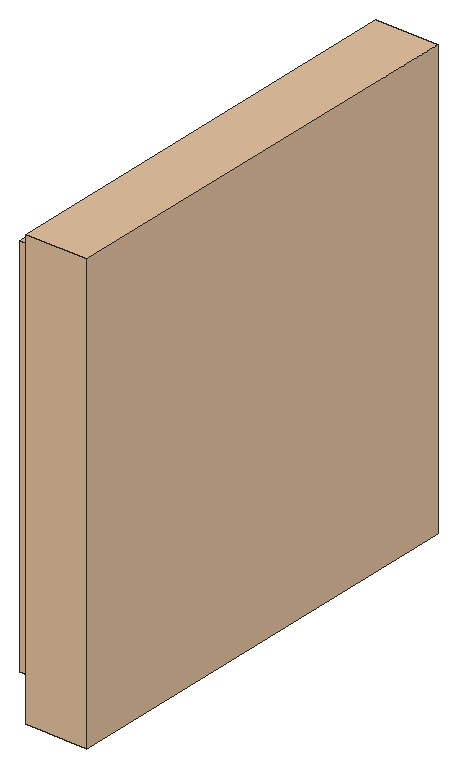
Revit family "溫度 - 木材 - 矩形", category 終止, Revit 2014
Parameters
  寬度 = 100 mm
  端接材料 = 櫻桃木
  T1 = 6 mm
  延伸長度 = 20 mm
Reference planes
  plane 1 "中心 (前/後)": y = 0
  plane 2: z = 0
  plane 3 "中心 (左/右)": x = 0
  plane 4: x = 20
  plane 5: x = 6
  plane 6: y = 50
  plane 7: y = -50
  plane 8: z = 50
  plane 9: z = -50
  plane 10: z = 44
  plane 11: z = -44
  plane 12: y = 44
  plane 13: y = -44
Forms (mm)
  Extrusion 1, solid, material "櫻桃木" <- "端接材料"
    sketch origin (0, 0, 0) x (0, 1, 0) y (0, 0, 1)
      loop
        line (50, 50) -> (-50, 50) -> (-50, -50) -> (50, -50) -> (50, 50)
    from 6 to 20
  Extrusion 2, solid, material "櫻桃木" <- "端接材料"
    sketch origin (0, 0, 0) x (0, 1, 0) y (0, 0, 1)
      loop
        line (44, 44) -> (-44, 44) -> (-44, -44) -> (44, -44) -> (44, 44)
    from 0 to 6
Lines and regions (mm)
  Masking region 1, detail levels fine
    outline origin (0, 0, 0) x (1, 0, 0) y (0, 1, 0)
      loop
        line (0, 44) -> (0, -44) -> (6, -44) -> (6, -50) -> (20, -50) -> (20, 50) -> (6, 50) -> (6, 44) -> (0, 44)
  symbolic lines, detail levels fine
    curve 1: line (6, 50, 0) -> (20, 50, 0)
    curve 2: line (6, -50, 0) -> (6, 50, 0)
    curve 3: line (20, -50, 0) -> (6, -50, 0)
    curve 4: line (20, 50, 0) -> (20, -50, 0)
    curve 5: line (6, 44, 0) -> (0, 44, 0)
    curve 6: line (0, 44, 0) -> (0, -44, 0)
    curve 7: line (0, -44, 0) -> (6, -44, 0)
Dimensions and locks
  "延伸長度": plane 3 "中心 (左/右)" to plane 4
  "T1": plane 3 "中心 (左/右)" to plane 5
  equal spacing: plane 6, plane 1 "中心 (前/後)", plane 7
  equal spacing: plane 8, plane 2, plane 9
  "寬度": plane 6 to plane 7
  locked: plane 8 to plane 10 at 6
  locked: plane 11 to plane 9 at 6
  locked: plane 6 to plane 12 at 6
  locked: plane 13 to plane 7 at 6
  "寬度": plane 8 to plane 9
  aligned and locked: level to plane 2
  aligned and locked: Extrusion 1 sketch curve to plane 8
  aligned and locked: plane 9 to Extrusion 1 sketch curve
  aligned and locked: plane 6 to Extrusion 1 sketch curve
  aligned and locked: Extrusion 1 sketch curve to plane 7
  aligned and locked: plane 10 to Extrusion 2 sketch curve
  aligned and locked: Extrusion 2 sketch curve to plane 12
  aligned and locked: Extrusion 2 sketch curve to plane 11
  aligned and locked: plane 13 to Extrusion 2 sketch curve
  aligned and locked: plane 5 to Extrusion 2
  aligned and locked: Extrusion 1 to plane 5
  aligned and locked: plane 4 to Extrusion 1
  aligned and locked: plane 5 to Extrusion 1
  aligned and locked: Extrusion 2 to plane 5
  aligned and locked: Extrusion 2 to plane 3 "中心 (左/右)"
  aligned and locked: Extrusion 1 to plane 4
  aligned and locked: plane 6 to Masking region 1 sketch curve
  aligned and locked: Masking region 1 sketch curve to plane 4
  aligned and locked: Masking region 1 sketch curve to plane 7
  aligned and locked: plane 5 to Masking region 1 sketch curve  (x2)
  aligned and locked: plane 12 to Masking region 1 sketch curve
  aligned and locked: Masking region 1 sketch curve to plane 13
  aligned and locked: plane 3 "中心 (左/右)" to Masking region 1 sketch curve
  aligned and locked: plane 6 to curve 1
  aligned and locked: curve 3 to plane 7
  aligned and locked: plane 5 to curve 2
  aligned and locked: curve 4 to plane 4
  aligned and locked: curve 5 to plane 12
  aligned and locked: plane 13 to curve 7
  aligned and locked: curve 6 to plane 3 "中心 (左/右)"
